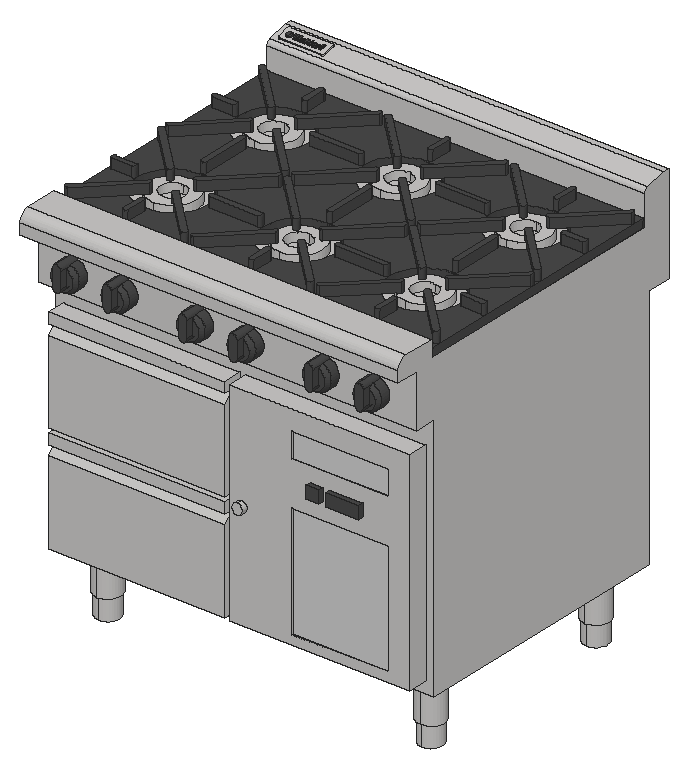
Revit family "QF_MOFFAT WALDORF_RNL8600G-RB", category Specialty Equipment, Revit 2012
Parameters
  Weight in Pounds = 396.8316
  Watts = 250 W
  Volts = 240 V
  URL Cutsheet = "www.moffat.com"
  URL = "www.moffat.com"
  Type Mark [instance] = ""
  Status [instance] = ""
  Specification by User [instance] = ""
  Specification by Manufacturer = ""
  Show Logo [instance] = yes
  Show Door [instance] = no
  Show Clearance [instance] = yes
  Show Casters [instance] = no
  Serial Number = ""
  Seismic Rating = ""
  SMACNA No = ""
  Revision Code [instance] = ""
  Refrigerant Type = "R134a"
  Phase = 1
  Omniclass Number and Title = ""
  Number of Poles = 1
  NAFEM Spec ID Number = ""
  Model = "RNL8600G-RB"
  Min Ckt Ampacity = 0 A
  Mechanical Remarks [instance] = ""
  Mechanical Connection Type [instance] = ""
  Max Overcurrent Protection = 0 A
  Masterspec = ""
  Manufacturer = "MOFFAT WALDORF"
  Legs [instance] = not(Show Casters)  # yes
  Item Number [instance] = ""
  Installed By [instance] = ""
  Identify Quantity as Lot [instance] = yes
  HP = ""
  Gas Size = 3/4"
  Gas RI Height [instance] = 0.0 mm
  Gas KW [instance] = 46.6
  Gas Input [instance] = 159233.0 Btu/h
  Gas Connection Height = 0.0 mm
  Furnished By [instance] = ""
  Foodservice Equipment Identifier [instance] = yes
  FL Amps = 1.8 A
  Elec Conn RI Height = 0.0 mm
  Elec Conn Connection Height = 0.0 mm
  Drawer Clearance [instance] = and(Show Clearance, and(Drawer))  # yes
  Drawer [instance] = not(Show Door)  # yes
  Door Clearance [instance] = and(Show Clearance, and(Show Door))  # no
  Description = "COOK TOP LOW SPLASHBACK GAS ON REFRIGERATED BASE"
  Cycle = 50 Hz
  Conn Plug = ""
  Conn Conduit = yes
  CSI MasterFormat = ""
  CSI Master Format = ""
  Body Height [instance] = 915.0 mm
  Base Height [instance] = 150.0 mm
  Apparent Power = if(Phase = 3, Volts * FL Amps * 1.73, Volts * FL Amps)  # 432 VA
Reference planes
  plane 1 "BACK": y = 0
  plane 2: z = 0
  plane 3 "LEFT": x = 0
  plane 4 "RIGHT": x = 900
  plane 5 "FRONT": y = -805
  plane 6 "TOP": z = 970
  plane 7 "Center Y": x = 450
  plane 8 "Center X": y = -402.5
  plane 9 "Base Height": z = 150
  plane 10: z = 915
  plane 11: x = 65.8
  plane 12: x = 65
  plane 13: x = 835
  plane 14: z = 402
  plane 15: x = 616.5
  plane 16: y = -625
  plane 17: y = -135
Forms (mm)
  Revolve 1, solid, material "QF_Finishes_Black"
    sketch origin (210, 0, 600) x (0, -1, 0) y (0, 0, 1)
      loop
        line (782, 229.605) -> (759, 229.605) -> (759, 202.105) -> (749, 202.105) -> (749, 197.105) -> (793, 197.105) -> (793, 223.757) -> (782, 229.605)
      axis (793, 197.105) -> (749, 197.105)
    angle from 0 to 360
  Extrusion 2, solid, material "QF_Finishes_Black"
    sketch origin (-78.431, 0, 496.003) x (1, 0, 0) y (0, 0, 1)
      loop
        line (298.431, 289) -> (298.431, 327.997)
        arc (298.431, 327.997) -> (288.431, 337.997) -> (278.431, 327.997) r 10
        line (278.431, 327.997) -> (278.431, 289)
        arc (278.431, 289) -> (288.431, 279) -> (298.431, 289) r 10
    from 759 to 808
  Extrusion 3, solid, material "QF_Finishes_Stainless Steel"
    sketch origin (705, 3, 100) x (1, 0, 0) y (0, 1, 0)
      loop
        circle (65, -35) r 13.5
    from 555 to 635
  Revolve 4, solid, material "QF_Finishes_Black"
    sketch origin (89.999, 0, 599.873) x (0, 1, 0) y (0, 0, -1)
      loop
        line (-782, -229.5) -> (-759, -229.5) -> (-759, -202) -> (-749, -202) -> (-749, -197) -> (-793, -197) -> (-793, -223.651) -> (-782, -229.5)
      axis (-793, -197) -> (-749, -197)
    angle from 0 to 360
  Extrusion 5, solid, material "QF_Finishes_Black"
    sketch origin (228.269, 0, 600.031) x (-1, 0, 0) y (0, 0, -1)
      loop
        arc (148.269, -184.969) -> (138.269, -174.969) -> (128.269, -184.969) r 10
        line (128.269, -184.969) -> (128.269, -223.969)
        arc (128.269, -223.969) -> (138.269, -233.969) -> (148.269, -223.969) r 10
        line (148.269, -223.969) -> (148.269, -184.969)
    from 759 to 808
  Extrusion 6, solid, material "QF_Finishes_Black"
    sketch origin (0, -70, 875) x (0, -1, 0) y (1, 0, 0)
      loop
        arc (1, 4) -> (1.879, 1.879) -> (4, 1) r 3
        line (4, 1) -> (631, 1)
        arc (631, 1) -> (633.121, 1.879) -> (634, 4) r 3
        line (634, 4) -> (634, 896)
        arc (634, 896) -> (633.121, 898.121) -> (631, 899) r 3
        line (631, 899) -> (4, 899)
        arc (4, 899) -> (1.879, 898.121) -> (1, 896) r 3
        line (1, 896) -> (1, 4)
      loop
        circle (167.5, 150) r 84.082
      loop
        circle (467.5, 150) r 84.082
      loop
        circle (467.5, 750) r 84.082
      loop
        circle (167.5, 750) r 84.082
      loop
        circle (167.5, 450) r 84.082
      loop
        circle (467.5, 450) r 84.082
    from 0 to 19.5
  Extrusion 7, solid, material "QF_Finishes_Black"
    sketch origin (0, -70, 894.5) x (0, -1, 0) y (1, 0, 0)
      loop
        spline (323.602, 15.153) -> (322.681, 13.924) -> (322.131, 12.47) -> (321.99, 10.89) -> (322.267, 9.292) -> (322.943, 7.786) -> (323.973, 6.473) -> (325.286, 5.443) -> (326.792, 4.767) -> (328.39, 4.49) -> (329.97, 4.631) -> (331.424, 5.181) -> (332.653, 6.102)
        line (332.653, 6.102) -> (440.576, 114.025)
        spline (440.576, 114.025) -> (441.337, 115.095) -> (441.738, 116.399) -> (441.751, 117.851) -> (441.375, 119.35) -> (440.637, 120.795) -> (439.586, 122.086) -> (438.295, 123.137) -> (436.85, 123.875) -> (435.351, 124.251) -> (433.899, 124.238) -> (432.595, 123.837) -> (431.525, 123.076)
        line (431.525, 123.076) -> (323.602, 15.153)
      loop
        spline (259.398, 156.4) -> (258.104, 156.182) -> (256.898, 155.543) -> (255.862, 154.525) -> (255.068, 153.2) -> (254.568, 151.656) -> (254.398, 150) -> (254.568, 148.344) -> (255.068, 146.8) -> (255.862, 145.475) -> (256.898, 144.457) -> (258.104, 143.818) -> (259.398, 143.6)
        line (259.398, 143.6) -> (375.602, 143.6)
        spline (375.602, 143.6) -> (376.896, 143.818) -> (378.102, 144.457) -> (379.138, 145.475) -> (379.932, 146.8) -> (380.432, 148.344) -> (380.602, 150) -> (380.432, 151.656) -> (379.932, 153.2) -> (379.138, 154.525) -> (378.102, 155.543) -> (376.896, 156.182) -> (375.602, 156.4)
        line (375.602, 156.4) -> (259.398, 156.4)
      loop
        spline (608.602, 143.6) -> (609.896, 143.818) -> (611.102, 144.457) -> (612.138, 145.475) -> (612.932, 146.8) -> (613.432, 148.344) -> (613.602, 150) -> (613.432, 151.656) -> (612.932, 153.2) -> (612.138, 154.525) -> (611.102, 155.543) -> (609.896, 156.182) -> (608.602, 156.4)
        line (608.602, 156.4) -> (559.398, 156.4)
        spline (559.398, 156.4) -> (558.104, 156.182) -> (556.898, 155.543) -> (555.862, 154.525) -> (555.068, 153.2) -> (554.568, 151.656) -> (554.398, 150) -> (554.568, 148.344) -> (555.068, 146.8) -> (555.862, 145.475) -> (556.898, 144.457) -> (558.104, 143.818) -> (559.398, 143.6)
        line (559.398, 143.6) -> (608.602, 143.6)
      loop
        line (611.398, 15.153) -> (503.475, 123.076)
        spline (503.475, 123.076) -> (502.405, 123.837) -> (501.101, 124.238) -> (499.649, 124.251) -> (498.15, 123.875) -> (496.705, 123.137) -> (495.414, 122.086) -> (494.363, 120.795) -> (493.625, 119.35) -> (493.249, 117.851) -> (493.262, 116.399) -> (493.663, 115.095) -> (494.424, 114.025)
        line (494.424, 114.025) -> (602.347, 6.102)
        spline (602.347, 6.102) -> (603.416, 5.341) -> (604.721, 4.941) -> (606.172, 4.928) -> (607.671, 5.303) -> (609.116, 6.041) -> (610.408, 7.092) -> (611.459, 8.384) -> (612.197, 9.829) -> (612.572, 11.328) -> (612.559, 12.779) -> (612.159, 14.084) -> (611.398, 15.153)
      loop
        line (473.9, 8.898) -> (473.9, 58.102)
        spline (473.9, 58.102) -> (473.682, 59.396) -> (473.043, 60.602) -> (472.025, 61.638) -> (470.7, 62.432) -> (469.156, 62.932) -> (467.5, 63.102) -> (465.844, 62.932) -> (464.3, 62.432) -> (462.975, 61.638) -> (461.957, 60.602) -> (461.318, 59.396) -> (461.1, 58.102)
        line (461.1, 58.102) -> (461.1, 8.898)
        spline (461.1, 8.898) -> (461.318, 7.604) -> (461.957, 6.398) -> (462.975, 5.362) -> (464.3, 4.568) -> (465.844, 4.068) -> (467.5, 3.898) -> (469.156, 4.068) -> (470.7, 4.568) -> (472.025, 5.362) -> (473.043, 6.398) -> (473.682, 7.604) -> (473.9, 8.898)
      loop
        spline (23.602, 15.153) -> (22.681, 13.924) -> (22.131, 12.47) -> (21.99, 10.89) -> (22.267, 9.292) -> (22.943, 7.786) -> (23.973, 6.473) -> (25.286, 5.443) -> (26.792, 4.767) -> (28.39, 4.49) -> (29.97, 4.631) -> (31.424, 5.181) -> (32.653, 6.102)
        line (32.653, 6.102) -> (140.576, 114.025)
        spline (140.576, 114.025) -> (141.337, 115.095) -> (141.738, 116.399) -> (141.751, 117.851) -> (141.375, 119.35) -> (140.637, 120.795) -> (139.586, 122.086) -> (138.295, 123.137) -> (136.85, 123.875) -> (135.351, 124.251) -> (133.899, 124.238) -> (132.595, 123.837) -> (131.525, 123.076)
        line (131.525, 123.076) -> (23.602, 15.153)
      loop
        spline (26.398, 156.4) -> (25.104, 156.182) -> (23.898, 155.543) -> (22.862, 154.525) -> (22.068, 153.2) -> (21.568, 151.656) -> (21.398, 150) -> (21.568, 148.344) -> (22.068, 146.8) -> (22.862, 145.475) -> (23.898, 144.457) -> (25.104, 143.818) -> (26.398, 143.6)
        line (26.398, 143.6) -> (75.602, 143.6)
        spline (75.602, 143.6) -> (76.896, 143.818) -> (78.102, 144.457) -> (79.138, 145.475) -> (79.932, 146.8) -> (80.432, 148.344) -> (80.602, 150) -> (80.432, 151.656) -> (79.932, 153.2) -> (79.138, 154.525) -> (78.102, 155.543) -> (76.896, 156.182) -> (75.602, 156.4)
        line (75.602, 156.4) -> (26.398, 156.4)
      loop
        line (311.398, 15.153) -> (203.475, 123.076)
        spline (203.475, 123.076) -> (202.405, 123.837) -> (201.101, 124.238) -> (199.649, 124.251) -> (198.15, 123.875) -> (196.705, 123.137) -> (195.414, 122.086) -> (194.363, 120.795) -> (193.625, 119.35) -> (193.249, 117.851) -> (193.262, 116.399) -> (193.663, 115.095) -> (194.424, 114.025)
        line (194.424, 114.025) -> (302.347, 6.102)
        spline (302.347, 6.102) -> (303.416, 5.341) -> (304.721, 4.941) -> (306.172, 4.928) -> (307.671, 5.303) -> (309.116, 6.041) -> (310.408, 7.092) -> (311.459, 8.384) -> (312.197, 9.829) -> (312.572, 11.328) -> (312.559, 12.779) -> (312.159, 14.084) -> (311.398, 15.153)
      loop
        line (173.9, 8.898) -> (173.9, 58.102)
        spline (173.9, 58.102) -> (173.682, 59.396) -> (173.043, 60.602) -> (172.025, 61.638) -> (170.7, 62.432) -> (169.156, 62.932) -> (167.5, 63.102) -> (165.844, 62.932) -> (164.3, 62.432) -> (162.975, 61.638) -> (161.957, 60.602) -> (161.318, 59.396) -> (161.1, 58.102)
        line (161.1, 58.102) -> (161.1, 8.898)
        spline (161.1, 8.898) -> (161.318, 7.604) -> (161.957, 6.398) -> (162.975, 5.362) -> (164.3, 4.568) -> (165.844, 4.068) -> (167.5, 3.898) -> (169.156, 4.068) -> (170.7, 4.568) -> (172.025, 5.362) -> (173.043, 6.398) -> (173.682, 7.604) -> (173.9, 8.898)
      loop
        line (323.602, 284.847) -> (431.525, 176.924)
        spline (431.525, 176.924) -> (432.595, 176.163) -> (433.899, 175.762) -> (435.351, 175.749) -> (436.85, 176.125) -> (438.295, 176.863) -> (439.586, 177.914) -> (440.637, 179.205) -> (441.375, 180.65) -> (441.751, 182.149) -> (441.738, 183.601) -> (441.337, 184.905) -> (440.576, 185.975)
        line (440.576, 185.975) -> (332.653, 293.898)
        spline (332.653, 293.898) -> (331.424, 294.819) -> (329.97, 295.369) -> (328.39, 295.51) -> (326.792, 295.233) -> (325.286, 294.557) -> (323.973, 293.527) -> (322.943, 292.214) -> (322.267, 290.708) -> (321.99, 289.11) -> (322.131, 287.53) -> (322.681, 286.076) -> (323.602, 284.847)
      loop
        spline (611.398, 284.847) -> (612.159, 285.916) -> (612.559, 287.221) -> (612.572, 288.672) -> (612.197, 290.171) -> (611.459, 291.616) -> (610.408, 292.908) -> (609.116, 293.959) -> (607.671, 294.697) -> (606.172, 295.072) -> (604.721, 295.059) -> (603.416, 294.659) -> (602.347, 293.898)
        line (602.347, 293.898) -> (494.424, 185.975)
        spline (494.424, 185.975) -> (493.663, 184.905) -> (493.262, 183.601) -> (493.249, 182.149) -> (493.625, 180.65) -> (494.363, 179.205) -> (495.414, 177.914) -> (496.705, 176.863) -> (498.15, 176.125) -> (499.649, 175.749) -> (501.101, 175.762) -> (502.405, 176.163) -> (503.475, 176.924)
        line (503.475, 176.924) -> (611.398, 284.847)
      loop
        spline (461.1, 241.898) -> (461.318, 240.604) -> (461.957, 239.398) -> (462.975, 238.362) -> (464.3, 237.568) -> (465.844, 237.068) -> (467.5, 236.898) -> (469.156, 237.068) -> (470.7, 237.568) -> (472.025, 238.362) -> (473.043, 239.398) -> (473.682, 240.604) -> (473.9, 241.898)
        line (473.9, 241.898) -> (473.9, 358.102)
        spline (473.9, 358.102) -> (473.682, 359.396) -> (473.043, 360.602) -> (472.025, 361.638) -> (470.7, 362.432) -> (469.156, 362.932) -> (467.5, 363.102) -> (465.844, 362.932) -> (464.3, 362.432) -> (462.975, 361.638) -> (461.957, 360.602) -> (461.318, 359.396) -> (461.1, 358.102)
        line (461.1, 358.102) -> (461.1, 241.898)
      loop
        line (23.602, 284.847) -> (131.525, 176.924)
        spline (131.525, 176.924) -> (132.595, 176.163) -> (133.899, 175.762) -> (135.351, 175.749) -> (136.85, 176.125) -> (138.295, 176.863) -> (139.586, 177.914) -> (140.637, 179.205) -> (141.375, 180.65) -> (141.751, 182.149) -> (141.738, 183.601) -> (141.337, 184.905) -> (140.576, 185.975)
        line (140.576, 185.975) -> (32.653, 293.898)
        spline (32.653, 293.898) -> (31.424, 294.819) -> (29.97, 295.369) -> (28.39, 295.51) -> (26.792, 295.233) -> (25.286, 294.557) -> (23.973, 293.527) -> (22.943, 292.214) -> (22.267, 290.708) -> (21.99, 289.11) -> (22.131, 287.53) -> (22.681, 286.076) -> (23.602, 284.847)
      loop
        spline (311.398, 284.847) -> (312.159, 285.916) -> (312.559, 287.221) -> (312.572, 288.672) -> (312.197, 290.171) -> (311.459, 291.616) -> (310.408, 292.908) -> (309.116, 293.959) -> (307.671, 294.697) -> (306.172, 295.072) -> (304.721, 295.059) -> (303.416, 294.659) -> (302.347, 293.898)
        line (302.347, 293.898) -> (194.424, 185.975)
        spline (194.424, 185.975) -> (193.663, 184.905) -> (193.262, 183.601) -> (193.249, 182.149) -> (193.625, 180.65) -> (194.363, 179.205) -> (195.414, 177.914) -> (196.705, 176.863) -> (198.15, 176.125) -> (199.649, 175.749) -> (201.101, 175.762) -> (202.405, 176.163) -> (203.475, 176.924)
        line (203.475, 176.924) -> (311.398, 284.847)
      loop
        spline (173.9, 358.102) -> (173.682, 359.396) -> (173.043, 360.602) -> (172.025, 361.638) -> (170.7, 362.432) -> (169.156, 362.932) -> (167.5, 363.102) -> (165.844, 362.932) -> (164.3, 362.432) -> (162.975, 361.638) -> (161.957, 360.602) -> (161.318, 359.396) -> (161.1, 358.102)
        line (161.1, 358.102) -> (161.1, 241.898)
        spline (161.1, 241.898) -> (161.318, 240.604) -> (161.957, 239.398) -> (162.975, 238.362) -> (164.3, 237.568) -> (165.844, 237.068) -> (167.5, 236.898) -> (169.156, 237.068) -> (170.7, 237.568) -> (172.025, 238.362) -> (173.043, 239.398) -> (173.682, 240.604) -> (173.9, 241.898)
        line (173.9, 241.898) -> (173.9, 358.102)
      loop
        spline (323.602, 315.153) -> (322.681, 313.924) -> (322.131, 312.47) -> (321.99, 310.89) -> (322.267, 309.292) -> (322.943, 307.786) -> (323.973, 306.473) -> (325.286, 305.443) -> (326.792, 304.767) -> (328.39, 304.49) -> (329.97, 304.631) -> (331.424, 305.181) -> (332.653, 306.102)
        line (332.653, 306.102) -> (440.576, 414.025)
        spline (440.576, 414.025) -> (441.337, 415.095) -> (441.738, 416.399) -> (441.751, 417.851) -> (441.375, 419.35) -> (440.637, 420.795) -> (439.586, 422.086) -> (438.295, 423.137) -> (436.85, 423.875) -> (435.351, 424.251) -> (433.899, 424.238) -> (432.595, 423.837) -> (431.525, 423.076)
        line (431.525, 423.076) -> (323.602, 315.153)
      loop
        spline (259.398, 456.4) -> (258.104, 456.182) -> (256.898, 455.543) -> (255.862, 454.525) -> (255.068, 453.2) -> (254.568, 451.656) -> (254.398, 450) -> (254.568, 448.344) -> (255.068, 446.8) -> (255.862, 445.475) -> (256.898, 444.457) -> (258.104, 443.818) -> (259.398, 443.6)
        line (259.398, 443.6) -> (375.602, 443.6)
        spline (375.602, 443.6) -> (376.896, 443.818) -> (378.102, 444.457) -> (379.138, 445.475) -> (379.932, 446.8) -> (380.432, 448.344) -> (380.602, 450) -> (380.432, 451.656) -> (379.932, 453.2) -> (379.138, 454.525) -> (378.102, 455.543) -> (376.896, 456.182) -> (375.602, 456.4)
        line (375.602, 456.4) -> (259.398, 456.4)
      loop
        spline (608.602, 443.6) -> (609.896, 443.818) -> (611.102, 444.457) -> (612.138, 445.475) -> (612.932, 446.8) -> (613.432, 448.344) -> (613.602, 450) -> (613.432, 451.656) -> (612.932, 453.2) -> (612.138, 454.525) -> (611.102, 455.543) -> (609.896, 456.182) -> (608.602, 456.4)
        line (608.602, 456.4) -> (559.398, 456.4)
        spline (559.398, 456.4) -> (558.104, 456.182) -> (556.898, 455.543) -> (555.862, 454.525) -> (555.068, 453.2) -> (554.568, 451.656) -> (554.398, 450) -> (554.568, 448.344) -> (555.068, 446.8) -> (555.862, 445.475) -> (556.898, 444.457) -> (558.104, 443.818) -> (559.398, 443.6)
        line (559.398, 443.6) -> (608.602, 443.6)
      loop
        line (611.398, 315.153) -> (503.475, 423.076)
        spline (503.475, 423.076) -> (502.405, 423.837) -> (501.101, 424.238) -> (499.649, 424.251) -> (498.15, 423.875) -> (496.705, 423.137) -> (495.414, 422.086) -> (494.363, 420.795) -> (493.625, 419.35) -> (493.249, 417.851) -> (493.262, 416.399) -> (493.663, 415.095) -> (494.424, 414.025)
        line (494.424, 414.025) -> (602.347, 306.102)
        spline (602.347, 306.102) -> (603.416, 305.341) -> (604.721, 304.941) -> (606.172, 304.928) -> (607.671, 305.303) -> (609.116, 306.041) -> (610.408, 307.092) -> (611.459, 308.384) -> (612.197, 309.829) -> (612.572, 311.328) -> (612.559, 312.779) -> (612.159, 314.084) -> (611.398, 315.153)
      loop
        spline (23.602, 315.153) -> (22.681, 313.924) -> (22.131, 312.47) -> (21.99, 310.89) -> (22.267, 309.292) -> (22.943, 307.786) -> (23.973, 306.473) -> (25.286, 305.443) -> (26.792, 304.767) -> (28.39, 304.49) -> (29.97, 304.631) -> (31.424, 305.181) -> (32.653, 306.102)
        line (32.653, 306.102) -> (140.576, 414.025)
        spline (140.576, 414.025) -> (141.337, 415.095) -> (141.738, 416.399) -> (141.751, 417.851) -> (141.375, 419.35) -> (140.637, 420.795) -> (139.586, 422.086) -> (138.295, 423.137) -> (136.85, 423.875) -> (135.351, 424.251) -> (133.899, 424.238) -> (132.595, 423.837) -> (131.525, 423.076)
        line (131.525, 423.076) -> (23.602, 315.153)
      loop
        spline (26.398, 456.4) -> (25.104, 456.182) -> (23.898, 455.543) -> (22.862, 454.525) -> (22.068, 453.2) -> (21.568, 451.656) -> (21.398, 450) -> (21.568, 448.344) -> (22.068, 446.8) -> (22.862, 445.475) -> (23.898, 444.457) -> (25.104, 443.818) -> (26.398, 443.6)
        line (26.398, 443.6) -> (75.602, 443.6)
        spline (75.602, 443.6) -> (76.896, 443.818) -> (78.102, 444.457) -> (79.138, 445.475) -> (79.932, 446.8) -> (80.432, 448.344) -> (80.602, 450) -> (80.432, 451.656) -> (79.932, 453.2) -> (79.138, 454.525) -> (78.102, 455.543) -> (76.896, 456.182) -> (75.602, 456.4)
        line (75.602, 456.4) -> (26.398, 456.4)
      loop
        line (311.398, 315.153) -> (203.475, 423.076)
        spline (203.475, 423.076) -> (202.405, 423.837) -> (201.101, 424.238) -> (199.649, 424.251) -> (198.15, 423.875) -> (196.705, 423.137) -> (195.414, 422.086) -> (194.363, 420.795) -> (193.625, 419.35) -> (193.249, 417.851) -> (193.262, 416.399) -> (193.663, 415.095) -> (194.424, 414.025)
        line (194.424, 414.025) -> (302.347, 306.102)
        spline (302.347, 306.102) -> (303.416, 305.341) -> (304.721, 304.941) -> (306.172, 304.928) -> (307.671, 305.303) -> (309.116, 306.041) -> (310.408, 307.092) -> (311.459, 308.384) -> (312.197, 309.829) -> (312.572, 311.328) -> (312.559, 312.779) -> (312.159, 314.084) -> (311.398, 315.153)
      loop
        line (323.602, 584.847) -> (431.525, 476.924)
        spline (431.525, 476.924) -> (432.595, 476.163) -> (433.899, 475.762) -> (435.351, 475.749) -> (436.85, 476.125) -> (438.295, 476.863) -> (439.586, 477.914) -> (440.637, 479.205) -> (441.375, 480.65) -> (441.751, 482.149) -> (441.738, 483.601) -> (441.337, 484.905) -> (440.576, 485.975)
        line (440.576, 485.975) -> (332.653, 593.898)
        spline (332.653, 593.898) -> (331.424, 594.819) -> (329.97, 595.369) -> (328.39, 595.51) -> (326.792, 595.233) -> (325.286, 594.557) -> (323.973, 593.527) -> (322.943, 592.214) -> (322.267, 590.708) -> (321.99, 589.11) -> (322.131, 587.53) -> (322.681, 586.076) -> (323.602, 584.847)
      loop
        spline (611.398, 584.847) -> (612.159, 585.916) -> (612.559, 587.221) -> (612.572, 588.672) -> (612.197, 590.171) -> (611.459, 591.616) -> (610.408, 592.908) -> (609.116, 593.959) -> (607.671, 594.697) -> (606.172, 595.072) -> (604.721, 595.059) -> (603.416, 594.659) -> (602.347, 593.898)
        line (602.347, 593.898) -> (494.424, 485.975)
        spline (494.424, 485.975) -> (493.663, 484.905) -> (493.262, 483.601) -> (493.249, 482.149) -> (493.625, 480.65) -> (494.363, 479.205) -> (495.414, 477.914) -> (496.705, 476.863) -> (498.15, 476.125) -> (499.649, 475.749) -> (501.101, 475.762) -> (502.405, 476.163) -> (503.475, 476.924)
        line (503.475, 476.924) -> (611.398, 584.847)
      loop
        spline (473.9, 658.102) -> (473.682, 659.396) -> (473.043, 660.602) -> (472.025, 661.638) -> (470.7, 662.432) -> (469.156, 662.932) -> (467.5, 663.102) -> (465.844, 662.932) -> (464.3, 662.432) -> (462.975, 661.638) -> (461.957, 660.602) -> (461.318, 659.396) -> (461.1, 658.102)
        line (461.1, 658.102) -> (461.1, 541.898)
        spline (461.1, 541.898) -> (461.318, 540.604) -> (461.957, 539.398) -> (462.975, 538.362) -> (464.3, 537.568) -> (465.844, 537.068) -> (467.5, 536.898) -> (469.156, 537.068) -> (470.7, 537.568) -> (472.025, 538.362) -> (473.043, 539.398) -> (473.682, 540.604) -> (473.9, 541.898)
        line (473.9, 541.898) -> (473.9, 658.102)
      loop
        line (23.602, 584.847) -> (131.525, 476.924)
        spline (131.525, 476.924) -> (132.595, 476.163) -> (133.899, 475.762) -> (135.351, 475.749) -> (136.85, 476.125) -> (138.295, 476.863) -> (139.586, 477.914) -> (140.637, 479.205) -> (141.375, 480.65) -> (141.751, 482.149) -> (141.738, 483.601) -> (141.337, 484.905) -> (140.576, 485.975)
        line (140.576, 485.975) -> (32.653, 593.898)
        spline (32.653, 593.898) -> (31.424, 594.819) -> (29.97, 595.369) -> (28.39, 595.51) -> (26.792, 595.233) -> (25.286, 594.557) -> (23.973, 593.527) -> (22.943, 592.214) -> (22.267, 590.708) -> (21.99, 589.11) -> (22.131, 587.53) -> (22.681, 586.076) -> (23.602, 584.847)
      loop
        spline (311.398, 584.847) -> (312.159, 585.916) -> (312.559, 587.221) -> (312.572, 588.672) -> (312.197, 590.171) -> (311.459, 591.616) -> (310.408, 592.908) -> (309.116, 593.959) -> (307.671, 594.697) -> (306.172, 595.072) -> (304.721, 595.059) -> (303.416, 594.659) -> (302.347, 593.898)
        line (302.347, 593.898) -> (194.424, 485.975)
        spline (194.424, 485.975) -> (193.663, 484.905) -> (193.262, 483.601) -> (193.249, 482.149) -> (193.625, 480.65) -> (194.363, 479.205) -> (195.414, 477.914) -> (196.705, 476.863) -> (198.15, 476.125) -> (199.649, 475.749) -> (201.101, 475.762) -> (202.405, 476.163) -> (203.475, 476.924)
        line (203.475, 476.924) -> (311.398, 584.847)
      loop
        spline (173.9, 658.102) -> (173.682, 659.396) -> (173.043, 660.602) -> (172.025, 661.638) -> (170.7, 662.432) -> (169.156, 662.932) -> (167.5, 663.102) -> (165.844, 662.932) -> (164.3, 662.432) -> (162.975, 661.638) -> (161.957, 660.602) -> (161.318, 659.396) -> (161.1, 658.102)
        line (161.1, 658.102) -> (161.1, 541.898)
        spline (161.1, 541.898) -> (161.318, 540.604) -> (161.957, 539.398) -> (162.975, 538.362) -> (164.3, 537.568) -> (165.844, 537.068) -> (167.5, 536.898) -> (169.156, 537.068) -> (170.7, 537.568) -> (172.025, 538.362) -> (173.043, 539.398) -> (173.682, 540.604) -> (173.9, 541.898)
        line (173.9, 541.898) -> (173.9, 658.102)
      loop
        spline (323.602, 615.153) -> (322.681, 613.924) -> (322.131, 612.47) -> (321.99, 610.89) -> (322.267, 609.292) -> (322.943, 607.786) -> (323.973, 606.473) -> (325.286, 605.443) -> (326.792, 604.767) -> (328.39, 604.49) -> (329.97, 604.631) -> (331.424, 605.181) -> (332.653, 606.102)
        line (332.653, 606.102) -> (440.576, 714.025)
        spline (440.576, 714.025) -> (441.337, 715.095) -> (441.738, 716.399) -> (441.751, 717.851) -> (441.375, 719.35) -> (440.637, 720.795) -> (439.586, 722.086) -> (438.295, 723.137) -> (436.85, 723.875) -> (435.351, 724.251) -> (433.899, 724.238) -> (432.595, 723.837) -> (431.525, 723.076)
        line (431.525, 723.076) -> (323.602, 615.153)
      loop
        spline (259.398, 756.4) -> (258.104, 756.182) -> (256.898, 755.543) -> (255.862, 754.525) -> (255.068, 753.2) -> (254.568, 751.656) -> (254.398, 750) -> (254.568, 748.344) -> (255.068, 746.8) -> (255.862, 745.475) -> (256.898, 744.457) -> (258.104, 743.818) -> (259.398, 743.6)
        line (259.398, 743.6) -> (375.602, 743.6)
        spline (375.602, 743.6) -> (376.896, 743.818) -> (378.102, 744.457) -> (379.138, 745.475) -> (379.932, 746.8) -> (380.432, 748.344) -> (380.602, 750) -> (380.432, 751.656) -> (379.932, 753.2) -> (379.138, 754.525) -> (378.102, 755.543) -> (376.896, 756.182) -> (375.602, 756.4)
        line (375.602, 756.4) -> (259.398, 756.4)
      loop
        spline (608.602, 743.6) -> (609.896, 743.818) -> (611.102, 744.457) -> (612.138, 745.475) -> (612.932, 746.8) -> (613.432, 748.344) -> (613.602, 750) -> (613.432, 751.656) -> (612.932, 753.2) -> (612.138, 754.525) -> (611.102, 755.543) -> (609.896, 756.182) -> (608.602, 756.4)
        line (608.602, 756.4) -> (559.398, 756.4)
        spline (559.398, 756.4) -> (558.104, 756.182) -> (556.898, 755.543) -> (555.862, 754.525) -> (555.068, 753.2) -> (554.568, 751.656) -> (554.398, 750) -> (554.568, 748.344) -> (555.068, 746.8) -> (555.862, 745.475) -> (556.898, 744.457) -> (558.104, 743.818) -> (559.398, 743.6)
        line (559.398, 743.6) -> (608.602, 743.6)
      loop
        line (611.398, 615.153) -> (503.475, 723.076)
        spline (503.475, 723.076) -> (502.405, 723.837) -> (501.101, 724.238) -> (499.649, 724.251) -> (498.15, 723.875) -> (496.705, 723.137) -> (495.414, 722.086) -> (494.363, 720.795) -> (493.625, 719.35) -> (493.249, 717.851) -> (493.262, 716.399) -> (493.663, 715.095) -> (494.424, 714.025)
        line (494.424, 714.025) -> (602.347, 606.102)
        spline (602.347, 606.102) -> (603.416, 605.341) -> (604.721, 604.941) -> (606.172, 604.928) -> (607.671, 605.303) -> (609.116, 606.041) -> (610.408, 607.092) -> (611.459, 608.384) -> (612.197, 609.829) -> (612.572, 611.328) -> (612.559, 612.779) -> (612.159, 614.084) -> (611.398, 615.153)
      loop
        spline (23.602, 615.153) -> (22.681, 613.924) -> (22.131, 612.47) -> (21.99, 610.89) -> (22.267, 609.292) -> (22.943, 607.786) -> (23.973, 606.473) -> (25.286, 605.443) -> (26.792, 604.767) -> (28.39, 604.49) -> (29.97, 604.631) -> (31.424, 605.181) -> (32.653, 606.102)
        line (32.653, 606.102) -> (140.576, 714.025)
        spline (140.576, 714.025) -> (141.337, 715.095) -> (141.738, 716.399) -> (141.751, 717.851) -> (141.375, 719.35) -> (140.637, 720.795) -> (139.586, 722.086) -> (138.295, 723.137) -> (136.85, 723.875) -> (135.351, 724.251) -> (133.899, 724.238) -> (132.595, 723.837) -> (131.525, 723.076)
        line (131.525, 723.076) -> (23.602, 615.153)
      loop
        spline (26.398, 756.4) -> (25.104, 756.182) -> (23.898, 755.543) -> (22.862, 754.525) -> (22.068, 753.2) -> (21.568, 751.656) -> (21.398, 750) -> (21.568, 748.344) -> (22.068, 746.8) -> (22.862, 745.475) -> (23.898, 744.457) -> (25.104, 743.818) -> (26.398, 743.6)
        line (26.398, 743.6) -> (75.602, 743.6)
        spline (75.602, 743.6) -> (76.896, 743.818) -> (78.102, 744.457) -> (79.138, 745.475) -> (79.932, 746.8) -> (80.432, 748.344) -> (80.602, 750) -> (80.432, 751.656) -> (79.932, 753.2) -> (79.138, 754.525) -> (78.102, 755.543) -> (76.896, 756.182) -> (75.602, 756.4)
        line (75.602, 756.4) -> (26.398, 756.4)
      loop
        line (311.398, 615.153) -> (203.475, 723.076)
        spline (203.475, 723.076) -> (202.405, 723.837) -> (201.101, 724.238) -> (199.649, 724.251) -> (198.15, 723.875) -> (196.705, 723.137) -> (195.414, 722.086) -> (194.363, 720.795) -> (193.625, 719.35) -> (193.249, 717.851) -> (193.262, 716.399) -> (193.663, 715.095) -> (194.424, 714.025)
        line (194.424, 714.025) -> (302.347, 606.102)
        spline (302.347, 606.102) -> (303.416, 605.341) -> (304.721, 604.941) -> (306.172, 604.928) -> (307.671, 605.303) -> (309.116, 606.041) -> (310.408, 607.092) -> (311.459, 608.384) -> (312.197, 609.829) -> (312.572, 611.328) -> (312.559, 612.779) -> (312.159, 614.084) -> (311.398, 615.153)
      loop
        line (323.602, 884.847) -> (431.525, 776.924)
        spline (431.525, 776.924) -> (432.595, 776.163) -> (433.899, 775.762) -> (435.351, 775.749) -> (436.85, 776.125) -> (438.295, 776.863) -> (439.586, 777.914) -> (440.637, 779.205) -> (441.375, 780.65) -> (441.751, 782.149) -> (441.738, 783.601) -> (441.337, 784.905) -> (440.576, 785.975)
        line (440.576, 785.975) -> (332.653, 893.898)
        spline (332.653, 893.898) -> (331.424, 894.819) -> (329.97, 895.369) -> (328.39, 895.51) -> (326.792, 895.233) -> (325.286, 894.557) -> (323.973, 893.527) -> (322.943, 892.214) -> (322.267, 890.708) -> (321.99, 889.11) -> (322.131, 887.53) -> (322.681, 886.076) -> (323.602, 884.847)
      loop
        spline (611.398, 884.847) -> (612.159, 885.916) -> (612.559, 887.221) -> (612.572, 888.672) -> (612.197, 890.171) -> (611.459, 891.616) -> (610.408, 892.908) -> (609.116, 893.959) -> (607.671, 894.697) -> (606.172, 895.072) -> (604.721, 895.059) -> (603.416, 894.659) -> (602.347, 893.898)
        line (602.347, 893.898) -> (494.424, 785.975)
        spline (494.424, 785.975) -> (493.663, 784.905) -> (493.262, 783.601) -> (493.249, 782.149) -> (493.625, 780.65) -> (494.363, 779.205) -> (495.414, 777.914) -> (496.705, 776.863) -> (498.15, 776.125) -> (499.649, 775.749) -> (501.101, 775.762) -> (502.405, 776.163) -> (503.475, 776.924)
        line (503.475, 776.924) -> (611.398, 884.847)
      loop
        spline (473.9, 891.102) -> (473.682, 892.396) -> (473.043, 893.602) -> (472.025, 894.638) -> (470.7, 895.432) -> (469.156, 895.932) -> (467.5, 896.102) -> (465.844, 895.932) -> (464.3, 895.432) -> (462.975, 894.638) -> (461.957, 893.602) -> (461.318, 892.396) -> (461.1, 891.102)
        line (461.1, 891.102) -> (461.1, 841.898)
        spline (461.1, 841.898) -> (461.318, 840.604) -> (461.957, 839.398) -> (462.975, 838.362) -> (464.3, 837.568) -> (465.844, 837.068) -> (467.5, 836.898) -> (469.156, 837.068) -> (470.7, 837.568) -> (472.025, 838.362) -> (473.043, 839.398) -> (473.682, 840.604) -> (473.9, 841.898)
        line (473.9, 841.898) -> (473.9, 891.102)
      loop
        line (23.602, 884.847) -> (131.525, 776.924)
        spline (131.525, 776.924) -> (132.595, 776.163) -> (133.899, 775.762) -> (135.351, 775.749) -> (136.85, 776.125) -> (138.295, 776.863) -> (139.586, 777.914) -> (140.637, 779.205) -> (141.375, 780.65) -> (141.751, 782.149) -> (141.738, 783.601) -> (141.337, 784.905) -> (140.576, 785.975)
        line (140.576, 785.975) -> (32.653, 893.898)
        spline (32.653, 893.898) -> (31.424, 894.819) -> (29.97, 895.369) -> (28.39, 895.51) -> (26.792, 895.233) -> (25.286, 894.557) -> (23.973, 893.527) -> (22.943, 892.214) -> (22.267, 890.708) -> (21.99, 889.11) -> (22.131, 887.53) -> (22.681, 886.076) -> (23.602, 884.847)
      loop
        spline (311.398, 884.847) -> (312.159, 885.916) -> (312.559, 887.221) -> (312.572, 888.672) -> (312.197, 890.171) -> (311.459, 891.616) -> (310.408, 892.908) -> (309.116, 893.959) -> (307.671, 894.697) -> (306.172, 895.072) -> (304.721, 895.059) -> (303.416, 894.659) -> (302.347, 893.898)
        line (302.347, 893.898) -> (194.424, 785.975)
        spline (194.424, 785.975) -> (193.663, 784.905) -> (193.262, 783.601) -> (193.249, 782.149) -> (193.625, 780.65) -> (194.363, 779.205) -> (195.414, 777.914) -> (196.705, 776.863) -> (198.15, 776.125) -> (199.649, 775.749) -> (201.101, 775.762) -> (202.405, 776.163) -> (203.475, 776.924)
        line (203.475, 776.924) -> (311.398, 884.847)
      loop
        spline (173.9, 891.102) -> (173.682, 892.396) -> (173.043, 893.602) -> (172.025, 894.638) -> (170.7, 895.432) -> (169.156, 895.932) -> (167.5, 896.102) -> (165.844, 895.932) -> (164.3, 895.432) -> (162.975, 894.638) -> (161.957, 893.602) -> (161.318, 892.396) -> (161.1, 891.102)
        line (161.1, 891.102) -> (161.1, 841.898)
        spline (161.1, 841.898) -> (161.318, 840.604) -> (161.957, 839.398) -> (162.975, 838.362) -> (164.3, 837.568) -> (165.844, 837.068) -> (167.5, 836.898) -> (169.156, 837.068) -> (170.7, 837.568) -> (172.025, 838.362) -> (173.043, 839.398) -> (173.682, 840.604) -> (173.9, 841.898)
        line (173.9, 841.898) -> (173.9, 891.102)
    from 0 to 23.5
  Revolve 8, solid, material "QF_Finishes_Black"
    sketch origin (510, 0, 600) x (0, -1, 0) y (0, 0, 1)
      loop
        line (782, 229.605) -> (759, 229.605) -> (759, 202.105) -> (749, 202.105) -> (749, 197.105) -> (793, 197.105) -> (793, 223.757) -> (782, 229.605)
      axis (793, 197.105) -> (749, 197.105)
    angle from 0 to 360
  Extrusion 9, solid, material "QF_Finishes_Black"
    sketch origin (371.569, 0, 496.003) x (1, 0, 0) y (0, 0, 1)
      loop
        line (148.431, 289) -> (148.431, 327.997)
        arc (148.431, 327.997) -> (138.431, 337.997) -> (128.431, 327.997) r 10
        line (128.431, 327.997) -> (128.431, 289)
        arc (128.431, 289) -> (138.431, 279) -> (148.431, 289) r 10
    from 759 to 808
  Revolve 10, solid, material "QF_Finishes_Black"
    sketch origin (389.999, 0, 599.873) x (0, 1, 0) y (0, 0, -1)
      loop
        line (-782, -229.5) -> (-759, -229.5) -> (-759, -202) -> (-749, -202) -> (-749, -197) -> (-793, -197) -> (-793, -223.651) -> (-782, -229.5)
      axis (-793, -197) -> (-749, -197)
    angle from 0 to 360
  Extrusion 11, solid, material "QF_Finishes_Black"
    sketch origin (378.269, 0, 600.031) x (-1, 0, 0) y (0, 0, -1)
      loop
        arc (-1.731, -184.969) -> (-11.731, -174.969) -> (-21.731, -184.969) r 10
        line (-21.731, -184.969) -> (-21.731, -223.969)
        arc (-21.731, -223.969) -> (-11.731, -233.969) -> (-1.731, -223.969) r 10
        line (-1.731, -223.969) -> (-1.731, -184.969)
    from 759 to 808
  Revolve 12, solid, material "QF_Finishes_Black"
    sketch origin (810, 0, 600) x (0, -1, 0) y (0, 0, 1)
      loop
        line (782, 229.605) -> (759, 229.605) -> (759, 202.105) -> (749, 202.105) -> (749, 197.105) -> (793, 197.105) -> (793, 223.757) -> (782, 229.605)
      axis (793, 197.105) -> (749, 197.105)
    angle from 0 to 360
  Extrusion 13, solid, material "QF_Finishes_Black"
    sketch origin (671.569, 0, 496.003) x (1, 0, 0) y (0, 0, 1)
      loop
        line (148.431, 289) -> (148.431, 327.997)
        arc (148.431, 327.997) -> (138.431, 337.997) -> (128.431, 327.997) r 10
        line (128.431, 327.997) -> (128.431, 289)
        arc (128.431, 289) -> (138.431, 279) -> (148.431, 289) r 10
    from 759 to 808
  Revolve 14, solid, material "QF_Finishes_Black"
    sketch origin (689.999, 0, 599.873) x (0, 1, 0) y (0, 0, -1)
      loop
        line (-782, -229.5) -> (-759, -229.5) -> (-759, -202) -> (-749, -202) -> (-749, -197) -> (-793, -197) -> (-793, -223.651) -> (-782, -229.5)
      axis (-793, -197) -> (-749, -197)
    angle from 0 to 360
  Extrusion 15, solid, material "QF_Finishes_Black"
    sketch origin (678.269, 0, 600.031) x (-1, 0, 0) y (0, 0, -1)
      loop
        arc (-1.731, -184.969) -> (-11.731, -174.969) -> (-21.731, -184.969) r 10
        line (-21.731, -184.969) -> (-21.731, -223.969)
        arc (-21.731, -223.969) -> (-11.731, -233.969) -> (-1.731, -223.969) r 10
        line (-1.731, -223.969) -> (-1.731, -184.969)
    from 759 to 808
  Revolve 16, solid, material "QF_Finishes_Stainless Steel", visible <- "Legs"
    sketch origin (65, -200, 0) x (0, 1, 0) y (0, 0, 1)
      loop
        line (33.25, 150) -> (33.25, 50) -> (37.5, 50) -> (37.5, 0) -> (65, 0) -> (65, 150) -> (33.25, 150)
      axis (65, 150) -> (65, 0)
    angle from 0 to 360
  Revolve 17, solid, material "QF_Finishes_Stainless Steel"
    sketch origin (65, -735, 0) x (0, 1, 0) y (0, 0, 1)
      loop
        line (78.25, 150) -> (78.25, 50) -> (82.5, 50) -> (82.5, 0) -> (110, 0) -> (110, 150) -> (78.25, 150)
      axis (110, 150) -> (110, 0)
    angle from 0 to 360
  Revolve 18, solid, material "QF_Finishes_Stainless Steel", visible <- "Legs"
    sketch origin (835, -200, 0) x (0, 1, 0) y (0, 0, -1)
      loop
        line (33.25, -150) -> (65, -150) -> (65, 0) -> (37.5, 0) -> (37.5, -50) -> (33.25, -50) -> (33.25, -150)
      axis (65, -150) -> (65, 0)
    angle from 0 to 360
  Revolve 19, solid, material "QF_Finishes_Stainless Steel"
    sketch origin (835, -735, 0) x (0, 1, 0) y (0, 0, -1)
      loop
        line (78.25, -150) -> (110, -150) -> (110, 0) -> (82.5, 0) -> (82.5, -50) -> (78.25, -50) -> (78.25, -150)
      axis (110, -150) -> (110, 0)
    angle from 0 to 360
  Extrusion 20, solid, material "QF_Finishes_Stainless Steel"
    sketch origin (0, 0, 0) x (0, 1, 0) y (0, 0, 1)
      loop
        line (-805, 891) -> (-805, 866) -> (-749, 866) -> (-749, 740) -> (-699, 740) -> (-699, 150) -> (-59, 150) -> (-59, 735) -> (0, 735) -> (0, 970) -> (-15, 970) -> (-61.106, 957.646)
        arc (-61.106, 957.646) -> (-67.52, 953.36) -> (-70, 946.055) r 12
        line (-70, 946.055) -> (-70, 875) -> (-705, 875) -> (-705, 915) -> (-781, 915)
        arc (-781, 915) -> (-797.971, 907.971) -> (-805, 891) r 24
    from 0 to 900
  Extrusion 21, solid, material "QF_Finishes_Stainless Steel"
    sketch origin (0, -699, 866) x (0, 0, -1) y (1, 0, 0)
      loop
        line (185.5, 881) -> (185.5, 453) -> (689.5, 453) -> (689.5, 881) -> (185.5, 881)
      loop
        line (667, 831) -> (397, 831) -> (397, 601) -> (667, 601) -> (667, 831)
      loop
        line (233, 831) -> (233, 601) -> (293, 601) -> (293, 831) -> (233, 831)
    from 0 to 48
  Extrusion 22, solid, material "QF_Finishes_Black"
    sketch origin (0, -747, 866) x (0, 0, -1) y (1, 0, 0)
      loop
        line (327.46, 644.926) -> (357.46, 644.926) -> (357.46, 674.926) -> (327.46, 674.926) -> (327.46, 644.926)
      loop
        line (327.46, 692.503) -> (357.46, 692.503) -> (357.46, 770.815) -> (327.46, 770.815) -> (327.46, 692.503)
    from 0 to 12.7
  Extrusion 23, solid, material "QF_Finishes_Stainless Steel"
    sketch origin (0, -747, 866) x (0, 0, -1) y (1, 0, 0)
      loop
        circle (436.229, 480.856) r 12.395
    from 0 to 12.7
  Extrusion 24, solid, material "QF_Finishes_Vents"
    sketch origin (0, -699, 866) x (0, 0, 1) y (1, 0, 0)
      loop
        line (-293, 601) -> (-233, 601) -> (-233, 831) -> (-293, 831) -> (-293, 601)
      loop
        line (-397, 601) -> (-397, 831) -> (-667, 831) -> (-667, 601) -> (-397, 601)
    from 0 to -44.529
  Extrusion 25, solid, material "QF_Finishes_Stainless Steel"
    sketch origin (0, -59, 680) x (0, 0, 1) y (1, 0, 0)
      loop
        circle (-278, 616.5) r 5
    from 0 to 1.9
  Extrusion 26, solid, material "QF_Finishes_Stainless Steel"
    sketch origin (0, -77.318, 875) x (0, -1, 0) y (1, 0, 0)
      loop
        circle (160.182, 150) r 57
      loop
        circle (460.182, 150) r 57
      loop
        circle (160.182, 450) r 57
      loop
        circle (460.182, 450) r 57
      loop
        circle (160.182, 750) r 57
      loop
        circle (460.182, 750) r 57
      loop
        circle (160.182, 150) r 30
      loop
        circle (160.182, 450) r 30
      loop
        circle (160.182, 750) r 30
      loop
        circle (460.182, 750) r 30
      loop
        circle (460.182, 450) r 30
      loop
        circle (460.182, 150) r 30
    from 0 to 20
Lines and regions (mm)
  Split face 1
    outline origin (0, -16.35, 969.638) x (0, -0.965926, -0.258819) y (1, 0, 0)
      loop
        line (4.173, 146.988) -> (36.913, 146.988) -> (36.913, 166.988) -> (4.173, 166.988) -> (4.173, 146.988)
  Split face 2
    outline origin (50, -16.35, 969.638) x (0, -0.965926, -0.258819) y (1, 0, 0)
      loop
        line (4.173, 146.988) -> (36.913, 146.988) -> (36.913, 166.988) -> (4.173, 166.988) -> (4.173, 146.988)
  Split face 3
    outline origin (95, -16.35, 969.638) x (0, -0.965926, -0.258819) y (1, 0, 0)
      loop
        line (4.173, 146.988) -> (36.913, 146.988) -> (36.913, 166.988) -> (4.173, 166.988) -> (4.173, 146.988)
  Split face 4
    outline origin (142.212, -16.35, 969.638) x (0, -0.965926, -0.258819) y (1, 0, 0)
      loop
        line (4.173, 146.988) -> (36.913, 146.988) -> (36.913, 166.988) -> (4.173, 166.988) -> (4.173, 146.988)
  Split face 5
    outline origin (187.212, -16.35, 969.638) x (0, -0.965926, -0.258819) y (1, 0, 0)
      loop
        line (4.173, 146.988) -> (36.913, 146.988) -> (36.913, 166.988) -> (4.173, 166.988) -> (4.173, 146.988)
  Split face 6
    outline origin (237.212, -16.35, 969.638) x (0, -0.965926, -0.258819) y (1, 0, 0)
      loop
        line (4.173, 146.988) -> (36.913, 146.988) -> (36.913, 166.988) -> (4.173, 166.988) -> (4.173, 146.988)
  Split face 7
    outline origin (288.913, -16.35, 969.638) x (0, -0.965926, -0.258819) y (1, 0, 0)
      loop
        line (4.173, 146.988) -> (36.913, 146.988) -> (36.913, 166.988) -> (4.173, 166.988) -> (4.173, 146.988)
  Split face 8
    outline origin (338.913, -16.35, 969.638) x (0, -0.965926, -0.258819) y (1, 0, 0)
      loop
        line (4.173, 146.988) -> (36.913, 146.988) -> (36.913, 166.988) -> (4.173, 166.988) -> (4.173, 146.988)
  Split face 9
    outline origin (388.913, -16.35, 969.638) x (0, -0.965926, -0.258819) y (1, 0, 0)
      loop
        line (4.173, 146.988) -> (36.913, 146.988) -> (36.913, 166.988) -> (4.173, 166.988) -> (4.173, 146.988)
  Split face 10
    outline origin (438.913, -16.35, 969.638) x (0, -0.965926, -0.258819) y (1, 0, 0)
      loop
        line (4.173, 146.988) -> (36.913, 146.988) -> (36.913, 166.988) -> (4.173, 166.988) -> (4.173, 146.988)
  Split face 11
    outline origin (488.913, -16.35, 969.638) x (0, -0.965926, -0.258819) y (1, 0, 0)
      loop
        line (4.173, 146.988) -> (36.913, 146.988) -> (36.913, 166.988) -> (4.173, 166.988) -> (4.173, 146.988)
  Split face 12
    outline origin (540.059, -16.35, 969.638) x (0, -0.965926, -0.258819) y (1, 0, 0)
      loop
        line (4.173, 146.988) -> (36.913, 146.988) -> (36.913, 166.988) -> (4.173, 166.988) -> (4.173, 146.988)
  symbolic lines
    curve 1: line (900, 0, 0) -> (0, 0, 0)
    curve 2: line (0, 0, 0) -> (0, -805, 0)
    curve 3: line (900, -805, 0) -> (900, 0, 0)
    curve 4: line (0, -805, 0) -> (900, -805, 0)
    curve 5: line (900, -705, 0) -> (0, -705, 0)
    curve 6: line (0, -70, 0) -> (900, -70, 0)
    curve 11: arc (149.598, -153.418, 0) -> (233.681, -237.5, 0) -> (149.598, -321.582, 0) r 84.082
    curve 12: arc (149.598, -321.582, 0) -> (65.516, -237.5, 0) -> (149.598, -153.418, 0) r 84.082
    curve 13: arc (149.598, -294.5, 0) -> (206.598, -237.5, 0) -> (149.598, -180.5, 0) r 57
    curve 14: arc (149.598, -180.5, 0) -> (92.598, -237.5, 0) -> (149.598, -294.5, 0) r 57
    curve 15: arc (450, -321.582, 0) -> (365.918, -237.5, 0) -> (450, -153.418, 0) r 84.082
    curve 16: arc (450, -153.418, 0) -> (534.082, -237.5, 0) -> (450, -321.582, 0) r 84.082
    curve 17: arc (450, -180.5, 0) -> (393, -237.5, 0) -> (450, -294.5, 0) r 57
    curve 18: arc (450, -294.5, 0) -> (507, -237.5, 0) -> (450, -180.5, 0) r 57
    curve 19: arc (749.779, -321.582, 0) -> (665.697, -237.5, 0) -> (749.779, -153.418, 0) r 84.082
    curve 20: arc (749.779, -153.418, 0) -> (833.861, -237.5, 0) -> (749.779, -321.582, 0) r 84.082
    curve 21: arc (749.779, -180.5, 0) -> (692.779, -237.5, 0) -> (749.779, -294.5, 0) r 57
    curve 22: arc (749.779, -294.5, 0) -> (806.779, -237.5, 0) -> (749.779, -180.5, 0) r 57
    curve 23: arc (149.917, -453.418, 0) -> (234, -537.5, 0) -> (149.917, -621.582, 0) r 84.082
    curve 24: arc (149.917, -621.582, 0) -> (65.835, -537.5, 0) -> (149.917, -453.418, 0) r 84.082
    curve 25: arc (450, -621.582, 0) -> (365.918, -537.5, 0) -> (450, -453.418, 0) r 84.082
    curve 26: arc (450, -453.418, 0) -> (534.082, -537.5, 0) -> (450, -621.582, 0) r 84.082
    curve 27: arc (750, -621.582, 0) -> (665.918, -537.5, 0) -> (750, -453.418, 0) r 84.082
    curve 28: arc (750, -453.418, 0) -> (834.082, -537.5, 0) -> (750, -621.582, 0) r 84.082
    curve 29: arc (750, -480.5, 0) -> (693, -537.5, 0) -> (750, -594.5, 0) r 57
    curve 30: arc (750, -594.5, 0) -> (807, -537.5, 0) -> (750, -480.5, 0) r 57
    curve 31: arc (450, -594.5, 0) -> (507, -537.5, 0) -> (450, -480.5, 0) r 57
    curve 32: arc (450, -480.5, 0) -> (393, -537.5, 0) -> (450, -594.5, 0) r 57
    curve 33: arc (149.917, -594.5, 0) -> (206.917, -537.5, 0) -> (149.917, -480.5, 0) r 57
    curve 34: arc (149.917, -480.5, 0) -> (92.917, -537.5, 0) -> (149.917, -594.5, 0) r 57
    curve 35: line (6.975, -95.084, 0) -> (120.112, -208.221, 0)
    curve 36: line (149.598, -90.841, 0) -> (149.598, -153.418, 0)
    curve 37: line (292.753, -94.023, 0) -> (179.214, -207.16, 0)
    curve 38: line (237.21, -238.238, 0) -> (362.612, -238.238, 0)
    curve 39: line (177.298, -265.278, 0) -> (290.435, -378.415, 0)
    curve 40: line (122.028, -265.278, 0) -> (5.355, -381.951, 0)
    curve 41: line (4.324, -237.178, 0) -> (62.881, -237.178, 0)
    curve 42: line (149.598, -321.582, 0) -> (149.598, -449.409, 0)
    curve 43: line (0, -387.5, 0) -> (900, -387.5, 0)
    curve 44: line (299.91, -70, 0) -> (299.91, -705, 0)
    curve 45: line (600, -705, 0) -> (600, -70, 0)
    curve 46: line (6.975, -679.916, 0) -> (120.112, -566.779, 0)
    curve 47: line (292.753, -680.977, 0) -> (179.533, -567.84, 0)
    curve 48: line (237.529, -536.762, 0) -> (362.612, -536.762, 0)
    curve 49: line (177.616, -509.722, 0) -> (290.435, -396.585, 0)
    curve 50: line (122.028, -509.722, 0) -> (5.355, -393.049, 0)
    curve 51: line (4.324, -537.822, 0) -> (62.881, -537.822, 0)
    curve 52: line (149.917, -621.582, 0) -> (149.917, -683.297, 0)
    curve 53: line (592.845, -95.084, 0) -> (479.708, -208.221, 0)
    curve 54: line (450, -90.842, 0) -> (450, -153.418, 0)
    curve 55: line (307.067, -94.023, 0) -> (420.204, -207.16, 0)
    curve 56: line (422.12, -265.278, 0) -> (308.582, -378.415, 0)
    curve 57: line (477.791, -265.278, 0) -> (594.464, -381.951, 0)
    curve 58: line (658.108, -237.178, 0) -> (541.938, -237.178, 0)
    curve 59: line (450, -321.582, 0) -> (450, -449.409, 0)
    curve 60: line (592.845, -679.916, 0) -> (479.708, -566.779, 0)
    curve 61: line (307.067, -680.977, 0) -> (420.204, -567.84, 0)
    curve 62: line (422.12, -509.722, 0) -> (308.582, -396.585, 0)
    curve 63: line (477.791, -509.722, 0) -> (594.464, -393.049, 0)
    curve 64: line (658.108, -537.822, 0) -> (541.938, -537.822, 0)
    curve 65: line (450, -621.582, 0) -> (450, -683.297, 0)
    curve 66: line (607.155, -95.084, 0) -> (720.292, -208.221, 0)
    curve 67: line (749.779, -90.842, 0) -> (749.779, -153.418, 0)
    curve 68: line (892.933, -94.023, 0) -> (779.575, -207.16, 0)
    curve 69: line (777.659, -265.278, 0) -> (891.017, -378.415, 0)
    curve 70: line (722.209, -265.278, 0) -> (605.536, -381.951, 0)
    curve 71: line (836.906, -237.178, 0) -> (895.464, -237.178, 0)
    curve 72: line (749.779, -321.582, 0) -> (749.779, -449.409, 0)
    curve 73: line (607.155, -679.916, 0) -> (720.292, -566.779, 0)
    curve 74: line (892.933, -680.977, 0) -> (779.796, -567.84, 0)
    curve 75: line (777.88, -509.722, 0) -> (891.017, -396.585, 0)
    curve 76: line (722.209, -509.722, 0) -> (605.536, -393.049, 0)
    curve 77: line (836.906, -537.822, 0) -> (895.464, -537.822, 0)
    curve 78: line (750, -621.582, 0) -> (750, -683.297, 0)
    curve 79: line (166.988, -20.837, 150) -> (166.988, -50.635, 150)
    curve 80: line (166.988, -50.635, 150) -> (146.988, -50.635, 150)
    curve 81: line (146.988, -50.635, 150) -> (146.988, -20.837, 150)
    curve 82: line (146.988, -20.837, 150) -> (166.988, -20.837, 150)
    curve 83: line (196.988, -50.635, 150) -> (196.988, -20.837, 150)
    curve 84: line (196.988, -20.837, 150) -> (216.988, -20.837, 150)
    curve 85: line (216.988, -20.837, 150) -> (216.988, -50.635, 150)
    curve 86: line (216.988, -50.635, 150) -> (196.988, -50.635, 150)
    curve 87: line (241.988, -20.837, 150) -> (241.988, -50.635, 150)
    curve 88: line (241.988, -50.635, 150) -> (261.988, -50.635, 150)
    curve 89: line (261.988, -50.635, 150) -> (261.988, -20.837, 150)
    curve 90: line (261.988, -20.837, 150) -> (241.988, -20.837, 150)
    curve 91: line (289.319, -20.837, 150) -> (289.319, -50.635, 150)
    curve 92: line (289.319, -50.635, 150) -> (309.319, -50.635, 150)
    curve 93: line (309.319, -50.635, 150) -> (309.319, -20.837, 150)
    curve 94: line (309.319, -20.837, 150) -> (289.319, -20.837, 150)
    curve 95: line (334.319, -20.837, 150) -> (334.319, -50.635, 150)
    curve 96: line (334.319, -50.635, 150) -> (354.319, -50.635, 150)
    curve 97: line (354.319, -50.635, 150) -> (354.319, -20.837, 150)
    curve 98: line (354.319, -20.837, 150) -> (334.319, -20.837, 150)
    curve 99: line (384.319, -20.837, 150) -> (384.319, -50.635, 150)
    curve 100: line (384.319, -50.635, 150) -> (404.319, -50.635, 150)
    curve 101: line (404.319, -50.635, 150) -> (404.319, -20.837, 150)
    curve 102: line (404.319, -20.837, 150) -> (384.319, -20.837, 150)
    curve 103: line (436.303, -50.635, 150) -> (436.303, -20.837, 150)
    curve 104: line (436.303, -20.837, 150) -> (456.303, -20.837, 150)
    curve 105: line (456.303, -20.837, 150) -> (456.303, -50.635, 150)
    curve 106: line (456.303, -50.635, 150) -> (436.303, -50.635, 150)
    curve 107: line (486.303, -50.635, 150) -> (486.303, -20.837, 150)
    curve 108: line (486.303, -20.837, 150) -> (506.303, -20.837, 150)
    curve 109: line (506.303, -20.837, 150) -> (506.303, -50.635, 150)
    curve 110: line (506.303, -50.635, 150) -> (486.303, -50.635, 150)
    curve 111: line (536.303, -20.837, 150) -> (536.303, -50.635, 150)
    curve 112: line (536.303, -50.635, 150) -> (556.303, -50.635, 150)
    curve 113: line (556.303, -50.635, 150) -> (556.303, -20.837, 150)
    curve 114: line (556.303, -20.837, 150) -> (536.303, -20.837, 150)
    curve 115: line (586.303, -50.635, 150) -> (586.303, -20.837, 150)
    curve 116: line (586.303, -20.837, 150) -> (606.303, -20.837, 150)
    curve 117: line (606.303, -20.837, 150) -> (606.303, -50.635, 150)
    curve 118: line (606.303, -50.635, 150) -> (586.303, -50.635, 150)
    curve 119: line (636.303, -50.635, 150) -> (636.303, -20.837, 150)
    curve 120: line (636.303, -20.837, 150) -> (656.303, -20.837, 150)
    curve 121: line (656.303, -20.837, 150) -> (656.303, -50.635, 150)
    curve 122: line (656.303, -50.635, 150) -> (636.303, -50.635, 150)
    curve 123: line (686.303, -20.837, 150) -> (686.303, -50.635, 150)
    curve 124: line (686.303, -50.635, 150) -> (706.303, -50.635, 150)
    curve 125: line (706.303, -50.635, 150) -> (706.303, -20.837, 150)
    curve 126: line (706.303, -20.837, 150) -> (686.303, -20.837, 150)
    curve 127: arc (150, -267.5, 0) -> (120, -237.5, 0) -> (150, -207.5, 0) r 30
    curve 128: arc (150, -207.5, 0) -> (180, -237.5, 0) -> (150, -267.5, 0) r 30
    curve 129: arc (450, -267.5, 0) -> (420, -237.5, 0) -> (450, -207.5, 0) r 30
    curve 130: arc (450, -207.5, 0) -> (480, -237.5, 0) -> (450, -267.5, 0) r 30
    curve 131: arc (750, -267.5, 0) -> (720, -237.5, 0) -> (750, -207.5, 0) r 30
    curve 132: arc (750, -207.5, 0) -> (780, -237.5, 0) -> (750, -267.5, 0) r 30
    curve 133: arc (750, -567.5, 0) -> (720, -537.5, 0) -> (750, -507.5, 0) r 30
    curve 134: arc (750, -507.5, 0) -> (780, -537.5, 0) -> (750, -567.5, 0) r 30
    curve 135: arc (450, -507.5, 0) -> (480, -537.5, 0) -> (450, -567.5, 0) r 30
    curve 136: arc (450, -567.5, 0) -> (420, -537.5, 0) -> (450, -507.5, 0) r 30
    curve 137: arc (150, -507.5, 0) -> (180, -537.5, 0) -> (150, -567.5, 0) r 30
    curve 138: arc (150, -567.5, 0) -> (120, -537.5, 0) -> (150, -507.5, 0) r 30
  symbolic lines, visible <- "Show Logo"
    curve 7: line (12.5, -52.059, 0) -> (12.5, -21.784, 0)
    curve 8: line (121.5, -21.784, 0) -> (121.5, -52.059, 0)
    curve 9: line (12.5, -21.784, 0) -> (121.5, -21.784, 0)
    curve 10: line (12.5, -52.059, 0) -> (121.5, -52.059, 0)
Dimensions and locks
  equal spacing: plane 3 "LEFT", plane 7 "Center Y", plane 4 "RIGHT"
  plane 3 "LEFT" to plane 4 "RIGHT" = 900.0 mm
  equal spacing: plane 5 "FRONT", plane 8 "Center X", plane 1 "BACK"
  plane 5 "FRONT" to plane 1 "BACK" = 805.0 mm
  "Base Height": plane 9 "Base Height" to level
  plane 6 "TOP" to level = 970.0 mm
  Extrusion 6 sketch curve to plane 11 = 64.8 mm
  Revolve 12 sketch curve to Revolve 12 sketch curve to Revolve 14 = 11.0 mm locked, 23.0 mm locked
  level to Extrusion 3 = 655.0 mm
  "Body Height": plane 10 to level
  plane 14 to level = 402.0 mm
  plane 15 to plane 4 "RIGHT" = 283.5 mm
  plane 16 to plane 17 = 490.0 mm
  aligned and locked: level to plane 2
Automatic sketch dimensions
  curve 11 to curve 13 = 0.0 mm  (x2)
  curve 15 to curve 17 = 0.0 mm  (x2)
  curve 19 to curve 21 = 0.0 mm  (x2)
  curve 23 to curve 33 = 0.0 mm  (x2)
  curve 25 to curve 31 = 0.0 mm  (x2)
  curve 27 to curve 29 = 0.0 mm  (x2)
  curve 43 to plane 3 "LEFT" = 0.0 mm
  curve 26 to plane 7 "Center Y" = 0.0 mm
  curve 18 to plane 7 "Center Y" = 0.0 mm
  curve 4 to plane 4 "RIGHT" = 0.0 mm
  plane 5 "FRONT" to curve 4 = 0.0 mm
  plane 1 "BACK" to curve 2 = 0.0 mm
  plane 3 "LEFT" to curve 41 = 4.324 mm
  plane 3 "LEFT" to curve 51 = 4.324 mm
  plane 3 "LEFT" to curve 50 = 5.355 mm
  plane 3 "LEFT" to curve 40 = 5.355 mm
  plane 3 "LEFT" to curve 35 = 6.975 mm
  plane 3 "LEFT" to curve 46 = 6.975 mm
  plane 3 "LEFT" to curve 7 = 12.5 mm
  curve 41 to plane 12 = 2.119 mm
  curve 51 to plane 12 = 2.119 mm
  plane 12 to curve 46 = 55.112 mm
  plane 12 to curve 35 = 55.112 mm
  plane 12 to curve 8 = 56.5 mm
  plane 12 to curve 40 = 57.028 mm
  plane 12 to curve 50 = 57.028 mm
  curve 40 to curve 12 = 27.57 mm
  curve 50 to curve 33 = 27.889 mm
  curve 11 to curve 39 = 27.699 mm
  curve 23 to curve 49 = 27.699 mm
  curve 13 to curve 37 = 29.616 mm
  curve 33 to curve 47 = 29.616 mm
  curve 39 to curve 38 = 59.913 mm
  curve 49 to curve 48 = 59.913 mm
  plane 8 "Center X" to curve 49 = 5.915 mm
  curve 48 to curve 49 = 52.906 mm
  plane 8 "Center X" to curve 39 = 24.085 mm
  curve 39 to curve 49 = 0.0 mm
  curve 52 to curve 47 = 142.835 mm
  curve 36 to curve 37 = 143.154 mm
  curve 47 to curve 44 = 7.157 mm
  curve 47 to curve 61 = 14.314 mm
  curve 37 to curve 55 = 14.314 mm
  plane 8 "Center X" to curve 56 = 24.085 mm
  curve 39 to curve 56 = 18.147 mm
  plane 8 "Center X" to curve 62 = 5.915 mm
  curve 49 to curve 62 = 18.147 mm
  curve 38 to plane 7 "Center Y" = 87.388 mm
  curve 48 to plane 7 "Center Y" = 87.388 mm
  curve 55 to plane 7 "Center Y" = 29.796 mm
  curve 61 to plane 7 "Center Y" = 29.796 mm
  curve 56 to plane 7 "Center Y" = 27.88 mm
  curve 62 to plane 7 "Center Y" = 27.88 mm
  plane 7 "Center Y" to curve 63 = 27.791 mm
  plane 7 "Center Y" to curve 57 = 27.791 mm
  plane 7 "Center Y" to curve 60 = 29.708 mm
  plane 7 "Center Y" to curve 53 = 29.708 mm
  curve 53 to curve 58 = 62.23 mm
  curve 60 to curve 64 = 62.23 mm
  curve 53 to plane 15 = 23.655 mm
  curve 60 to plane 15 = 23.655 mm
  curve 57 to plane 15 = 22.036 mm
  plane 8 "Center X" to curve 63 = 9.451 mm
  curve 63 to curve 57 = 0.0 mm
  curve 45 to plane 15 = 16.5 mm
  curve 70 to plane 15 = 10.964 mm
  curve 76 to plane 15 = 10.964 mm
  curve 66 to plane 15 = 9.345 mm
  curve 73 to plane 15 = 9.345 mm
  plane 15 to curve 64 = 41.608 mm
  plane 15 to curve 58 = 41.608 mm
  curve 58 to curve 66 = 62.184 mm
  curve 64 to curve 73 = 62.184 mm
  curve 73 to curve 76 = 1.916 mm
  curve 66 to curve 70 = 1.916 mm
